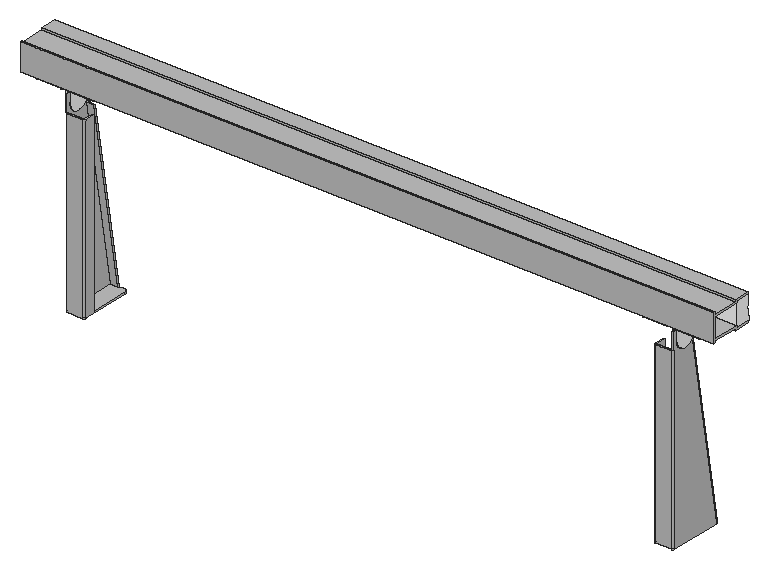
Revit family "4070756+4070746+4070772 Feilo Sylvania Lighting Fixture CURSUS 876MM 653LM OVAL LED 4K with CONTINUOUS WALL HOUSING with 250MM WALL BRACKET", category Lighting Fixtures, host Face, Revit 2017
Family settings
  Host = Face
  Round Connector Dimension = Use Diameter
  Part Type = Normal
  OmniClass Number = 23.80.70.14
  OmniClass Title = Luminaries for External Lighting
  Cut with Voids When Loaded = Yes
  Light Source = No
  Shared = No
  Room Calculation Point = No
Parameters (values of type "4070756 CURSUS 876MM 653LM OVAL LED 4K")
  Weight = "1.7 kg"
  Wattage Comments = "n/a"
  WarrantyStartDate [instance] = "n/a"
  WarrantyGuarantorParts = "n/a"
  WarrantyDurationUnit = "n/a"
  WarrantyDurationParts = "n/a"
  WarrantyDescription = "n/a"
  Voltage = 24 V
  URL = "http://www.sylvania-lighting.com"
  TypeName = "CURSUS 876MM 653LM OVAL LED 4K"
  TypeFixture_FEILO = CURSUS with CONTINUOUS WALL HOUSING : CURSUS 876MM 653LM OVAL LED 4K
  Type Image = <None>
  Type Comments = "n/a"
  TiltAngle [instance] = 0.00°
  StartAngle [instance] = TiltAngle + 270.00°  # 270.00°
  SerialNumber [instance] = "n/a"
  ReflectorMaterial = none
  PowerFactor = 0
  PowerConsumption = "13.5 W"
  NominalLength = 876 mm
  NominalHeight = 50 mm
  NominalDepth = 30 mm
  Name = "CURSUS 876MM 653LM OVAL LED 4K"
  ModelReference = Name  # "CURSUS 876MM 653LM OVAL LED 4K"
  ModelNumber = "4070756"
  Model = Name  # "CURSUS 876MM 653LM OVAL LED 4K"
  Material = "natural anodised extruded aluminium structure housing, optical system with pmma lenses diffuser"
  ManufacturerName = "Feilo Sylvania"
  Manufacturer = "Feilo Sylvania"
  LuminousEfficacy = "48.37 lm/W"
  LuminaireType = ""
  LightOutputRatio = "100"
  LampsType = Lamp  # "LED"
  LampNominalLuminous = "653 lm"
  LampMacAdamStep = "n/a"
  LampColourTemperature = "4000 K"
  LampColourRenderingIndex = "80"
  Lamp = "LED"
  Keynote = "16500"
  InstallationDate [instance] = "n/a"
  InputVoltage = "24V DC"
  InputNominalFrequency = "n/a"
  IngressProtection = "IP67"
  ImpactProtectionIndex = "IK07"
  IfcExportType = "IfcLightFixtureType"
  IfcExportAs = "IfcLightFixtureType"
  ExpectedLife = 50000
  EndAngle [instance] = StartAngle - 180.00°  # 90.00°
  ElectricShockClassification = "Class III"
  DurationUnit = "hours"
  DocumentationLiterature = "http://www.sylvania-lighting.com/product/en-int/products/4070756"
  DimmingControlOptions = "n/a"
  DiffuserMaterial = Diffuser-Sylvania-Glow
  Description = "LED Exterior Lighting Recessed Surface Mounted Linear Fixture, Natural anodised extruded aluminium structure. Die-cast aluminium end caps. Installation kit with harmonic steel springs., 653 lm, 13,5W,  48lm/W, 4000K, CRI80+,non dimmable,IP67, IK07, (HxWxD) 876x50x30mm, 3 step Mac Adam Ellipse, 1.7kg,, Classe III, 21-25V-DC, energy class : A++, A+, A"
  Default Elevation = 1219.2 mm
  CreatedOn = "1/8/2018"
  CreatedBy = ""
  Cost = 0
  built-in parameter 1114216 [instance] = (empty or 0)
  ClassificationValue = "EF_70_80"
  ClassificationName = "Uniclass2015"
  BracketWidth = 24 mm
  BracketThickness = 2 mm
  BracketHeightEnd = 32 mm
  BracketHeight = 70 mm
  BracketFlange = BracketHeight / 5  # 14 mm
  BracketExtension = 250 mm
  BracketEndReduction = 25 mm
  BracketC = 22 mm  # constant formula
  BracketDistance = 745 mm
  BracketD = BracketHeightEnd - (BracketC * (BracketHeight - BracketHeightEnd) / (BracketExtension - BracketEndReduction))  # 28.284 mm
  BodyMaterial = Body-Sylvania-Gray
  BarCode [instance] = "n/a"
  AssetType = "Fixed"
  AssetIdentifier [instance] = "n/a"
  Assembly Code = "D5020200"
  Apparent Load = 13.5 VA
  AccessoryMaterial = Diffuser-Sylvania-Glow
Reference planes
  plane 1 "Center (Front/Back)": y = 0
  plane 2: z = 0
  plane 3 "Center (Left/Right)": x = 0
  plane 4: x = -384.5
  plane 5: x = 384.5
  plane 6: y = 70
  plane 7: x = -360.5
  plane 8: x = 360.5
  plane 9: z = 250
  plane 10: z = 236
  plane 11: z = 2
  plane 12: z = 225
  plane 13: x = -382.5
  plane 14: y = 68
  plane 15: y = 2
  plane 16: x = -362.5
  plane 17: x = 362.5
  plane 18: x = 382.5
  plane 19: x = -372.5
  plane 20: x = 372.5
  plane 21: y = 14
  plane 22: y = 32
  plane 23: y = 30
  plane 24: z = 247
  plane 25: y = 28.284
  plane 26: y = 16
Forms (mm)
  Blend 1, solid, material "Body-Sylvania-Gray" <- "BodyMaterial"
    base sketch origin (1223.4, -4572, 2) x (0, -1, 0) y (1, 0, 0)
      loop
        line (-4640, -1595.9) -> (-4642, -1595.9) -> (-4642, -1605.9)
        arc (-4642, -1605.9) -> (-4641.414, -1607.314) -> (-4640, -1607.9) r 2
        line (-4640, -1607.9) -> (-4574, -1607.9)
        arc (-4574, -1607.9) -> (-4572.586, -1607.314) -> (-4572, -1605.9) r 2
        line (-4572, -1605.9) -> (-4572, -1585.9)
        arc (-4572, -1585.9) -> (-4572.586, -1584.486) -> (-4574, -1583.9) r 2
        line (-4574, -1583.9) -> (-4586, -1583.9) -> (-4586, -1585.9) -> (-4574, -1585.9) -> (-4574, -1605.9) -> (-4640, -1605.9) -> (-4640, -1595.9)
    top sketch origin (1223.4, -4572, 2) x (0, -1, 0) y (1, 0, 0)
      loop
        line (-4586, -1585.9) -> (-4574, -1585.9) -> (-4574, -1605.9) -> (-4602, -1605.9) -> (-4602, -1595.9) -> (-4604, -1595.9) -> (-4604, -1605.9)
        arc (-4604, -1605.9) -> (-4603.52, -1607.21) -> (-4602.309, -1607.9) r 2.028
        line (-4602.309, -1607.9) -> (-4574, -1607.9)
        arc (-4574, -1607.9) -> (-4572.586, -1607.314) -> (-4572, -1605.9) r 2
        line (-4572, -1605.9) -> (-4572, -1585.9)
        arc (-4572, -1585.9) -> (-4572.586, -1584.486) -> (-4574, -1583.9) r 2
        line (-4574, -1583.9) -> (-4586, -1583.9) -> (-4586, -1585.9)
    from 0 to 223
  Extrusion 2, solid, material "Body-Sylvania-Gray" <- "BodyMaterial"
    sketch origin (0, 0, 0) x (1, 0, 0) y (0, 1, 0)
      loop
        arc (-382.5, 70) -> (-383.914, 69.414) -> (-384.5, 68) r 2
        line (-384.5, 68) -> (-384.5, 2)
        arc (-384.5, 2) -> (-383.914, 0.586) -> (-382.5, 0) r 2
        line (-382.5, 0) -> (-362.5, 0)
        arc (-362.5, 0) -> (-361.086, 0.586) -> (-360.5, 2) r 2
        line (-360.5, 2) -> (-360.5, 62.5)
        arc (-360.5, 62.5) -> (-362.697, 67.803) -> (-368, 70) r 7.5
        line (-368, 70) -> (-382.5, 70)
      loop
        line (382.5, 70) -> (368, 70)
        arc (368, 70) -> (362.697, 67.803) -> (360.5, 62.5) r 7.5
        line (360.5, 62.5) -> (360.5, 2)
        arc (360.5, 2) -> (361.086, 0.586) -> (362.5, 0) r 2
        line (362.5, 0) -> (382.5, 0)
        arc (382.5, 0) -> (383.914, 0.586) -> (384.5, 2) r 2
        line (384.5, 2) -> (384.5, 68)
        arc (384.5, 68) -> (383.914, 69.414) -> (382.5, 70) r 2
    from 0 to 2
  Blend 3, solid, material "Body-Sylvania-Gray" <- "BodyMaterial"
    base sketch origin (1223.4, -4572, 2) x (0, -1, 0) y (1, 0, 0)
      loop
        line (-4640, -840.9) -> (-4574, -840.9) -> (-4574, -860.9) -> (-4586, -860.9) -> (-4586, -862.9) -> (-4574, -862.9)
        arc (-4574, -862.9) -> (-4572.586, -862.314) -> (-4572, -860.9) r 2
        line (-4572, -860.9) -> (-4572, -840.9)
        arc (-4572, -840.9) -> (-4572.586, -839.486) -> (-4574, -838.9) r 2
        line (-4574, -838.9) -> (-4640, -838.9)
        arc (-4640, -838.9) -> (-4641.414, -839.486) -> (-4642, -840.9) r 2
        line (-4642, -840.9) -> (-4642, -850.9) -> (-4640, -850.9) -> (-4640, -840.9)
    top sketch origin (1223.4, -4572, 2) x (0, -1, 0) y (1, 0, 0)
      loop
        line (-4602, -850.9) -> (-4602, -840.9) -> (-4574, -840.9) -> (-4574, -860.9) -> (-4586, -860.9) -> (-4586, -862.9) -> (-4574, -862.9)
        arc (-4574, -862.9) -> (-4572.586, -862.314) -> (-4572, -860.9) r 2
        line (-4572, -860.9) -> (-4572, -840.9)
        arc (-4572, -840.9) -> (-4572.586, -839.486) -> (-4574, -838.9) r 2
        line (-4574, -838.9) -> (-4602, -838.9)
        arc (-4602, -838.9) -> (-4603.414, -839.486) -> (-4604, -840.9) r 2
        line (-4604, -840.9) -> (-4604, -850.9) -> (-4602, -850.9)
    from 0 to 223
  Blend 4, solid, material "Body-Sylvania-Gray" <- "BodyMaterial"
    base sketch origin (1223.4, -4572, 225) x (0, -1, 0) y (1, 0, 0)
      loop
        line (-4604, -1607.9) -> (-4572, -1607.9) -> (-4572, -1605.9) -> (-4604, -1605.9) -> (-4604, -1607.9)
    top sketch origin (1223.4, -4572, 225) x (0, -1, 0) y (1, 0, 0)
      loop
        line (-4572, -1607.9) -> (-4572, -1605.9) -> (-4600.284, -1605.9) -> (-4600.284, -1607.9) -> (-4572, -1607.9)
    from 0 to 22
  Blend 5, solid, material "Body-Sylvania-Gray" <- "BodyMaterial"
    base sketch origin (1223.4, -4572, 225) x (0, -1, 0) y (1, 0, 0)
      loop
        line (-4604, -840.9) -> (-4572, -840.9) -> (-4572, -838.9) -> (-4604, -838.9) -> (-4604, -840.9)
    top sketch origin (1223.4, -4572, 225) x (0, -1, 0) y (1, 0, 0)
      loop
        line (-4572, -838.9) -> (-4600.284, -838.9) -> (-4600.284, -840.9) -> (-4572, -840.9) -> (-4572, -838.9)
    from 0 to 22
  Extrusion 6, void
    sketch origin (0, 0, 0) x (0, 1, 0) y (0, 0, 1)
      loop
        line (0, 225) -> (2, 225) -> (2, 226.5) -> (0, 226.5) -> (0, 225)
      loop
        line (32, 225) -> (32, 226.5) -> (30, 226.5) -> (30, 225) -> (32, 225)
    from -384.5 to 384.5
  Revolve 7, solid, not visible
    sketch origin (1524, 16, 1219.2) x (1, 0, 0) y (0, 0, 1)
      loop
        line (-1524, -972.2) -> (-1524, -983.2) -> (-1151.5, -983.2) -> (-1151.5, -972.2) -> (-1524, -972.2)
      axis (-1151.5, -983.2) -> (-1524, -983.2)
    angle from 270 <- "StartAngle" to 90 <- "EndAngle"
Cuts and joins
  Extrusion 6 cuts Blend 4
  Extrusion 6 cuts Blend 5
  joined: Blend 1, Extrusion 2, Blend 3, Blend 4, Blend 5
Lines and regions (mm)
  reference lines, not visible
    curve 1: line (-360.5, 16, 236) -> (360.5, 16, 236)
Dimensions and locks
  equal spacing: plane 4, plane 3 "Center (Left/Right)", plane 5
  "BracketDistance": plane 19 to plane 20
  "BracketHeight": plane 1 "Center (Front/Back)" to plane 6
  equal spacing: plane 7, plane 3 "Center (Left/Right)", plane 8
  "BracketWidth": plane 4 to plane 7
  "BracketExtension": plane 9 to plane 2
  "BracketThickness": plane 11 to plane 2
  "BracketEndReduction": plane 9 to plane 12
  equal spacing: plane 13, plane 3 "Center (Left/Right)", plane 18
  equal spacing: plane 16, plane 3 "Center (Left/Right)", plane 17
  "BracketThickness": plane 4 to plane 13
  "BracketThickness": plane 16 to plane 7
  "BracketThickness": plane 14 to plane 6
  "BracketThickness": plane 1 "Center (Front/Back)" to plane 15
  equal spacing: plane 4, plane 19, plane 7
  equal spacing: plane 8, plane 20, plane 5
  "BracketFlange": plane 1 "Center (Front/Back)" to plane 21
  "BracketHeightEnd": plane 1 "Center (Front/Back)" to plane 22
  "BracketThickness": plane 23 to plane 22
  locked: Extrusion 2 sketch curve to plane 7 at 7.5
  locked: Extrusion 2 sketch curve to plane 6 at 7.5  (x2)
  locked: plane 8 to Extrusion 2 sketch curve at 7.5
  "BracketC": plane 24 to plane 12
  "BracketD": plane 1 "Center (Front/Back)" to plane 25
  locked: plane 12 to Extrusion 6 sketch curve at 1.5
  equal spacing: plane 24, plane 10, plane 12
  equal spacing: plane 1 "Center (Front/Back)", plane 26, plane 22
  aligned and locked: plane 2 to host face
  aligned and locked: level to host face
  aligned and locked: plane 4 to Blend 1 sketch curve  (x2)
  aligned and locked: plane 13 to Blend 1 sketch curve  (x3)
  aligned and locked: Blend 1 sketch curve to plane 15
  aligned and locked: Blend 1 sketch curve to plane 16
  aligned and locked: Blend 1 sketch curve to plane 21
  aligned and locked: plane 7 to Blend 1 sketch curve
  aligned and locked: plane 16 to Blend 1 sketch curve
  aligned and locked: plane 1 "Center (Front/Back)" to Blend 1 sketch curve
  aligned and locked: plane 14 to Blend 1 sketch curve
  aligned and locked: Blend 1 sketch curve to var sketch  (x6)
  aligned and locked: Blend 1 sketch curve to plane 19
  aligned and locked: Blend 1 sketch curve to plane 22
  aligned and locked: plane 23 to Blend 1 sketch curve
  aligned and locked: plane 11 to Blend 1
  aligned and locked: Extrusion 2 sketch curve to Blend 1  (x3)
  aligned and locked: Extrusion 2 to level
  aligned and locked: Extrusion 2 to plane 11
  aligned and locked: Extrusion 2 sketch curve to plane 7
  aligned and locked: plane 18 to Blend 3 sketch curve  (x4)
  aligned and locked: plane 14 to Blend 3 sketch curve  (x2)
  aligned and locked: Blend 3 sketch curve to plane 20
  aligned and locked: Blend 3 sketch curve to plane 6
  aligned and locked: plane 5 to Blend 3 sketch curve
  aligned and locked: plane 1 "Center (Front/Back)" to Blend 3 sketch curve
  aligned and locked: plane 15 to Blend 3 sketch curve  (x2)
  aligned and locked: Blend 3 sketch curve to plane 8
  aligned and locked: Blend 3 sketch curve to plane 21
  aligned and locked: plane 17 to Blend 3 sketch curve
  aligned and locked: Blend 3 sketch curve to plane 18
  aligned and locked: plane 20 to Blend 3 sketch curve  (x2)
  aligned and locked: Blend 3 sketch curve to plane 23
  aligned and locked: Blend 3 sketch curve to var sketch  (x8)
  aligned and locked: var sketch to Blend 3 sketch curve
  aligned and locked: plane 22 to Blend 3 sketch curve
  aligned and locked: plane 11 to Blend 3
  aligned and locked: Extrusion 2 sketch curve to Blend 3  (x4)
  aligned and locked: Blend 1 to plane 12
  aligned and locked: Blend 3 to plane 12
  aligned and locked: Blend 4 sketch curve to plane 22
  aligned and locked: Blend 4 sketch curve to cut or joined group of Blend 1, Extrusion 2, Blend 3, Blend 4, Blend 5, Extrusion 6  (x2)
  aligned and locked: cut or joined group of Blend 1, Extrusion 2, Blend 3, Blend 4, Blend 5, Extrusion 6 to Blend 4 sketch curve
  aligned and locked: Blend 4 sketch curve to var sketch  (x2)
  aligned and locked: Blend 4 sketch curve to plane 13
  aligned and locked: Blend 4 to plane 24
  aligned and locked: Blend 4 sketch curve to plane 25
  aligned and locked: Blend 5 sketch curve to plane 18  (x2)
  aligned and locked: plane 1 "Center (Front/Back)" to Blend 5 sketch curve
  aligned and locked: plane 5 to Blend 5 sketch curve
  aligned and locked: plane 22 to Blend 5 sketch curve
  aligned and locked: Blend 5 sketch curve to var sketch
  aligned and locked: var sketch to Blend 5 sketch curve
  aligned and locked: Blend 5 sketch curve to plane 25
  aligned and locked: Blend 5 to plane 24
  aligned and locked: plane 12 to Blend 5
  aligned and locked: Extrusion 6 sketch curve to cut or joined group of Blend 1, Extrusion 2, Blend 3, Blend 4, Blend 5, Extrusion 6  (x2)
  aligned and locked: Extrusion 6 sketch curve to Extrusion 6 sketch curve
  aligned and locked: Extrusion 6 sketch curve to plane 15
  aligned and locked: plane 5 to Extrusion 6
  aligned and locked: Extrusion 6 to plane 4
  aligned and locked: Extrusion 6 sketch curve to plane 23
  aligned and locked: Revolve 7 sketch curve to plane 10  (x2)
  aligned and locked: plane 24 to Revolve 7 sketch curve
  aligned and locked: plane 3 "Center (Left/Right)" to Revolve 7 sketch curve
  aligned and locked: Revolve 7 sketch curve to plane 20
  aligned and locked: plane 7 to curve 1
  aligned and locked: plane 10 to curve 1
  aligned and locked: nested 1 to plane 5
  aligned and locked: nested 2 to plane 4
  aligned and locked: nested 1 to curve 1
  aligned and locked: nested 2 to curve 1
  aligned and locked: nested 3 to plane 3 "Center (Left/Right)"
  aligned and locked: nested 1 to nested 3
Automatic sketch dimensions
  host sketch curve to host sketch curve = 2438.4 mm  (x2)
  Blend 1 sketch curve to plane 13 = 0 mm
  plane 15 to Blend 1 sketch curve = 0 mm  (x3)
  Blend 1 sketch curve to plane 23 = 0.309 mm
  plane 6 to Blend 1 sketch curve = 0 mm
  plane 14 to Blend 1 sketch curve = 0 mm
  Blend 1 sketch curve to plane 19 = 0 mm
  Blend 3 sketch curve to plane 17 = 0 mm
  Extrusion 6 sketch curve to plane 1 "Center (Front/Back)" = 0 mm
  plane 12 to Extrusion 6 sketch curve = 0 mm
  Revolve 7 sketch curve to plane 4 = 1153 mm
  plane 5 to Revolve 7 sketch curve = 1161.4 mm
  curve 1 to plane 8 = 0 mm
Nested families
  nested 1: "MountingPlate" at (383.5, 16, 236) x (-1, 0, 0) z (0, 0, 1), type "MountingPlate"
  nested 2: "MountingPlate" at (-383.5, 16, 236) x (-1, 0, 0) z (0, 0, 1), type "MountingPlate"
  nested 3: "CURSUS with CONTINUOUS WALL HOUSING" at (0, -4, 254) x (-1, 0, 0) z (0, 0, 1), type <- "TypeFixture_FEILO", type "CURSUS 876MM 653LM OVAL LED 4K"
    with WarrantyStartDate "n/a", SerialNumber "n/a", InstallationDate "n/a", EndCapRight no, EndCapLeft no, built-in parameter 1114216 (empty or 0), BarCode "n/a", AssetIdentifier "n/a"
Connectors
  electrical at (0, 0, 0), driven by "Voltage", driven by "Apparent Load", driven by "PowerFactor"
    settings: index 1, voltage 24 V, apparent load 13.5 VA, apparent load phase1 0 VA, apparent load phase2 0 VA, apparent load phase3 0 VA, power factor 0, load classification "Other", number of poles 1, system type 30, power factor state 1, is connector primary yes, connector utility no, sub classification motor no, connector description ""
Definition of nested family "MountingPlate"
  Parameters (values of type "MountingPlate")
    URL = "http://www.feilosylvania.com"
    Type Comments = "n/a"
    ReflectorMaterial = none
    MountingPlateWidth = 76 mm
    MountingPlateThickness = 2 mm
    MountingPlateRadiusBack = 12 mm
    MountingPlateRadius = 3 mm
    MountingPlateHeight = 35 mm
    Model = "n/a"
    Manufacturer = "Feilo Sylvania"
    Keynote = "n/a"
    DiffuserMaterial = none
    Description = "n/a"
    Default Elevation = 1219.2 mm
    Cost = 0
    BodyMaterial = none
    Assembly Code = "n/a"
    AccessoryMaterial = none
  Reference planes
    plane 1 "Center (Front/Back)": y = 0
    plane 2: z = 0
    plane 3 "Center (Left/Right)": x = 0
    plane 4: x = -38
    plane 5: x = 38
    plane 6: y = 17.5
    plane 7: y = -17.5
    plane 8: x = -3
    plane 9: x = 3
    plane 10: z = 18
    plane 11: z = 16
    plane 12: y = 12.5
    plane 13: y = -12.5
    plane 14: x = -1
    plane 15: x = 1
    plane 16: z = -12.5
    plane 17: z = -14.5
  Forms (mm)
    Extrusion 1, solid
      sketch origin (1.653, 0, 0) x (1, 0, 0) y (0, 1, 0)
        loop
          line (-1219.2, 1219.2) -> (-1219.2, -1219.2) -> (1219.2, -1219.2) -> (1219.2, 1219.2) -> (-1219.2, 1219.2)
      from 0 to -304.8
    Extrusion 2, solid, material <- "BodyMaterial"
      sketch origin (1218.4, -4572, 16) x (0, -1, 0) y (-1, 0, 0)
        loop
          line (-4589.5, 1253.4) -> (-4589.5, 1224.4)
          arc (-4589.5, 1224.4) -> (-4588.621, 1222.279) -> (-4586.5, 1221.4) r 3
          line (-4586.5, 1221.4) -> (-4557.5, 1221.4)
          arc (-4557.5, 1221.4) -> (-4555.379, 1222.279) -> (-4554.5, 1224.4) r 3
          line (-4554.5, 1224.4) -> (-4554.5, 1253.4)
          arc (-4554.5, 1253.4) -> (-4555.379, 1255.521) -> (-4557.5, 1256.4) r 3
          line (-4557.5, 1256.4) -> (-4586.5, 1256.4)
          arc (-4586.5, 1256.4) -> (-4588.621, 1255.521) -> (-4589.5, 1253.4) r 3
        loop
          arc (-4589.5, 1183.4) -> (-4588.621, 1181.279) -> (-4586.5, 1180.4) r 3
          line (-4586.5, 1180.4) -> (-4557.5, 1180.4)
          arc (-4557.5, 1180.4) -> (-4555.379, 1181.279) -> (-4554.5, 1183.4) r 3
          line (-4554.5, 1183.4) -> (-4554.5, 1212.4)
          arc (-4554.5, 1212.4) -> (-4555.379, 1214.521) -> (-4557.5, 1215.4) r 3
          line (-4557.5, 1215.4) -> (-4586.5, 1215.4)
          arc (-4586.5, 1215.4) -> (-4588.621, 1214.521) -> (-4589.5, 1212.4) r 3
          line (-4589.5, 1212.4) -> (-4589.5, 1183.4)
      from 0 to -2
    Extrusion 3, solid, material <- "BodyMaterial"
      sketch origin (0, 0, 0) x (1, 0, 0) y (0, 0, 1)
        loop
          line (-3, 18) -> (-3, -12.5) -> (-1, -12.5) -> (-1, 16)
          arc (-1, 16) -> (-1.586, 17.414) -> (-3, 18) r 2
        loop
          line (3, -12.5) -> (3, 18)
          arc (3, 18) -> (1.586, 17.414) -> (1, 16) r 2
          line (1, 16) -> (1, -12.5) -> (3, -12.5)
      from -12.5 to 12.5
    Extrusion 4, void
      sketch origin (0, 0, 0) x (0, 1, 0) y (0, 0, 1)
        loop
          line (-12.5, -0.5) -> (-17.5, -0.5) -> (-17.5, -14.5) -> (-0.5, -14.5) -> (-0.5, -12.5)
          arc (-0.5, -12.5) -> (-8.985, -8.985) -> (-12.5, -0.5) r 12
        loop
          line (0.5, -12.5) -> (0.5, -14.5) -> (17.5, -14.5) -> (17.5, -0.5) -> (12.5, -0.5)
          arc (12.5, -0.5) -> (8.985, -8.985) -> (0.5, -12.5) r 12
      from -3 to 3
  Cuts and joins
    Extrusion 4 cuts Extrusion 2
    Extrusion 4 cuts Extrusion 3
    joined: Extrusion 2, Extrusion 3
  Lines and regions (mm)
    reference lines
      curve 1: line (-38, 0, 0) -> (38, 0, 0)
  Dimensions and locks
    equal spacing: plane 4, plane 3 "Center (Left/Right)", plane 5
    "MountingPlateWidth": plane 4 to plane 5
    equal spacing: plane 7, plane 1 "Center (Front/Back)", plane 6
    "MountingPlateHeight": plane 7 to plane 6
    equal spacing: plane 8, plane 3 "Center (Left/Right)", plane 9
    "MountingPlateHeight": plane 4 to plane 8
    locked: plane 10 to plane 2 at 18
    "MountingPlateThickness": plane 10 to plane 11
    equal spacing: plane 13, plane 1 "Center (Front/Back)", plane 12
    locked: plane 13 to plane 12 at 25
    "MountingPlateRadius": plane 4 to Extrusion 2 sketch curve  (x2)
    "MountingPlateRadius": Extrusion 2 sketch curve to plane 6  (x4)
    "MountingPlateRadius": Extrusion 2 sketch curve to plane 8  (x2)
    "MountingPlateRadius": plane 7 to Extrusion 2 sketch curve  (x4)
    "MountingPlateRadius": plane 9 to Extrusion 2 sketch curve  (x2)
    "MountingPlateRadius": Extrusion 2 sketch curve to plane 5  (x2)
    equal spacing: plane 15, plane 3 "Center (Left/Right)", plane 14
    "MountingPlateThickness": plane 14 to plane 8
    locked: plane 2 to plane 16 at 12.5
    locked: plane 17 to plane 16 at 2
    "MountingPlateRadiusBack": plane 13 to Extrusion 4 sketch curve
    "MountingPlateRadiusBack": plane 16 to Extrusion 4 sketch curve  (x2)
    "MountingPlateRadiusBack": Extrusion 4 sketch curve to plane 12
    aligned and locked: plane 2 to Extrusion 1
    aligned and locked: level to Extrusion 1
    aligned and locked: Extrusion 2 sketch curve to plane 6
    aligned and locked: Extrusion 2 sketch curve to plane 4
    aligned and locked: plane 7 to Extrusion 2 sketch curve
    aligned and locked: plane 8 to Extrusion 2 sketch curve
    aligned and locked: plane 6 to Extrusion 2 sketch curve
    aligned and locked: Extrusion 2 sketch curve to plane 5
    aligned and locked: Extrusion 2 sketch curve to plane 7
    aligned and locked: plane 9 to Extrusion 2 sketch curve
    aligned and locked: Extrusion 2 to plane 10
    aligned and locked: plane 11 to Extrusion 2
    aligned and locked: Extrusion 3 sketch curve to Extrusion 2  (x2)
    aligned and locked: plane 16 to Extrusion 3 sketch curve  (x2)
    aligned and locked: plane 14 to Extrusion 3 sketch curve
    aligned and locked: plane 9 to Extrusion 3 sketch curve
    aligned and locked: plane 15 to Extrusion 3 sketch curve
    aligned and locked: Extrusion 3 to plane 12
    aligned and locked: plane 13 to Extrusion 3
    aligned and locked: plane 17 to Extrusion 4 sketch curve  (x2)
    aligned and locked: Extrusion 4 sketch curve to plane 7
    aligned and locked: Extrusion 4 sketch curve to plane 6
    aligned and locked: plane 9 to Extrusion 4
    aligned and locked: Extrusion 4 to plane 8
    aligned and locked: plane 4 to curve 1
    aligned and locked: curve 1 to level
  Automatic sketch dimensions
    Extrusion 1 sketch curve to Extrusion 1 sketch curve = 2438.4 mm  (x2)
    Extrusion 3 sketch curve to plane 11 = 0 mm
    curve 1 to plane 5 = 0 mm
    Extrusion 4 sketch curve to plane 13 = 0 mm
    Extrusion 4 sketch curve to plane 12 = 0 mm
Definition of nested family "CURSUS with CONTINUOUS WALL HOUSING"
  Parameters (values of type "CURSUS 1161MM 827LM OVAL LED 3K")
    Width_FEILO = 35 mm
    Weight = "2.2 kg"
    Wattage Comments = "n/a"
    Wattage = 18 W
    WarrantyStartDate [instance] = "n/a"
    WarrantyGuarantorParts = "n/a"
    WarrantyDurationUnit = "n/a"
    WarrantyDurationParts = "n/a"
    WarrantyDescription = "n/a"
    WallThickness_FEILO = 2.5 mm
    built-in parameter 1150110 = 1 (stored number, unit not read)
    Voltage = 24 V
    URL = "http://www.feilosylvania.com"
    TypeName = "CURSUS 1161MM 827LM OVAL LED 3K"
    Type Image = (empty or 0)
    Type Comments = "n/a"
    built-in parameter 1114217 = 1 (stored number, unit not read)
    Tilt Angle = -90.00°
    built-in parameter 1150109 = 1 (stored number, unit not read)
    built-in parameter 1150134 = (empty or 0)
    built-in parameter 1150113 = 1 (stored number, unit not read)
    SerialNumber [instance] = "n/a"
    ReflectorMaterial = none
    PowerFactor = 0
    PowerConsumption = "18 W"
    Photometric Web File = "4070765.ies"
    NominalLength = 1161 mm
    NominalHeight = 50 mm
    NominalDepth = 30 mm
    Name = "CURSUS 1161MM 827LM OVAL LED 3K"
    ModelReference = Name  # "CURSUS 1161MM 827LM OVAL LED 3K"
    ModelNumber = ""
    Model = Name  # "CURSUS 1161MM 827LM OVAL LED 3K"
    Material = "natural anodised extruded aluminium structure housing, optical system with pmma lenses diffuser"
    ManufacturerName = "Feilo Sylvania"
    Manufacturer = "Feilo Sylvania"
    LuminousEfficacy = "45.94 lm/W"
    built-in parameter 1150105 = 65.811 (stored number, unit not read)
    Lumens = 827 lm
    LuminaireType = ""
    built-in parameter 1150115 = 1 (stored number, unit not read)
    LightOutputRatio = "100"
    built-in parameter 1150137 = (empty or 0)
    built-in parameter 1150139 = (empty or 0)
    Length_FEILO = 1167 mm
    LampsType = Lamp  # "LED"
    LampNominalLuminous = "827 lm"
    LampMacAdamStep = "n/a"
    LampColourTemperature = "3000 K"
    LampColourRenderingIndex = "80"
    built-in parameter 1150112 = 1 (stored number, unit not read)
    built-in parameter 1150114 = 1 (stored number, unit not read)
    Lamp = "LED"
    Keynote = "16500"
    InstallationDate [instance] = "n/a"
    InputVoltage = "24V DC"
    InputNominalFrequency = "n/a"
    built-in parameter 1150132 = (empty or 0)
    built-in parameter 1150102 = (empty or 0)
    built-in parameter 1150107 = 3000 (stored number, unit not read)
    built-in parameter 1150138 = (empty or 0)
    IngressProtection = "IP67"
    ImpactProtectionIndex = "IK07"
    built-in parameter 1150106 = 0.65811 (stored number, unit not read)
    IfcExportType = "IfcLightFixtureType"
    IfcExportAs = "IfcLightFixtureType"
    ExpectedLife = 50000
    EndCapRight [instance] = no
    EndCapLeft [instance] = no
    Emit from Rectangle Width = Width_FEILO - WallThickness_FEILO * 2  # 30 mm
    Emit from Rectangle Length = Length_FEILO - WallThickness_FEILO * 2  # 1162 mm
    Emit Shape Visible in Rendering = no
    ElectricShockClassification = "Class III"
    built-in parameter 1150104 = 4.2684 (stored number, unit not read)
    DurationUnit = "hours"
    DocumentationLiterature = "http://www.feilosylvania.com/product/en-int/products/4070765"
    DimmingControlOptions = "n/a"
    Dimming Lamp Color Temperature Shift = (empty or 0)
    DiffuserMaterial = none
    Description = "LED Exterior Lighting Recessed Surface Mounted Linear Fixture, Natural anodised extruded aluminium structure. Die-cast aluminium end caps. Installation kit with harmonic steel springs., 827 lm, 18W, 45lm/W, 3000K, CRI80+,non dimmable,IP67, IK07, (HxWxD) 1161x50x30mm, 3 step Mac Adam Ellipse, 2.2kg,, Classe III, 21-25V-DC, energy class : A++, A+, A"
    Default Elevation = 1219.2 mm
    CreatedOn = "1/8/2018"
    CreatedBy = "aron.fodor@feilosylvania.com"
    Cost = 0
    Color Filter = 16777215
    built-in parameter 1114216 [instance] = (empty or 0)
    ClassificationValue = "EF_70_80"
    ClassificationName = "Uniclass2015"
    BodyMaterial = none
    BarCode [instance] = "n/a"
    built-in parameter 1114218 = 1 (stored number, unit not read)
    built-in parameter 1150133 = 10 (stored number, unit not read)
    AssetType = "Fixed"
    AssetIdentifier [instance] = "n/a"
    Assembly Code = "D5020200"
    Apparent Load = 18 VA
    AccessoryMaterial = none
  Types (16, lengths in mm): name | Weight | Wattage | Voltage | TypeName | built-in parameter 1150134 | PowerConsumption | Photometric Web File | NominalLength | Name | ModelReference | Model | Material | LuminousEfficacy | built-in parameter 1150105 | Lumens | Length_FEILO | LampNominalLuminous | LampColourTemperature | InputVoltage | InputNominalFrequency | built-in parameter 1150107 | built-in parameter 1150106 | Emit from Rectangle Length | built-in parameter 1150104 | DocumentationLiterature | Description | Apparent Load
    CURSUS 1161MM 827LM OVAL LED 3K | "2.2 kg" | 18 W | 24 V | "CURSUS 1161MM 827LM OVAL LED 3K" | (empty or 0) | "18 W" | "4070765.ies" | 1161 | "CURSUS 1161MM 827LM OVAL LED 3K" | "CURSUS 1161MM 827LM OVAL LED 3K" | "CURSUS 1161MM 827LM OVAL LED 3K" | "natural anodised extruded aluminium structure housing, optical system with pmma lenses diffuser" | "45.94 lm/W" | 65.811 (stored number, unit not read) | 827 lm | 1167 | "827 lm" | "3000 K" | "24V DC" | "n/a" | 3000 (stored number, unit not read) | 0.65811 (stored number, unit not read) | 1162 | 4.2684 (stored number, unit not read) | "http://www.feilosylvania.com/product/en-int/products/4070765" | "LED Exterior Lighting Recessed Surface Mounted Linear Fixture, Natural anodised extruded aluminium structure. Die-cast aluminium end caps. Installation kit with harmonic steel springs., 827 lm, 18W, 45lm/W, 3000K, CRI80+,non dimmable,IP67, IK07, (HxWxD) 1161x50x30mm, 3 step Mac Adam Ellipse, 2.2kg,, Classe III, 21-25V-DC, energy class : A++, A+, A" | 18 VA
    CURSUS 1161MM 731LM WIDE LED 3K | "2.2 kg" | 18 W | 230 V | "CURSUS 1161MM 731LM WIDE LED 3K" | (empty or 0) | "18 W" | "4070764.ies" | 1161 | "CURSUS 1161MM 731LM WIDE LED 3K" | "CURSUS 1161MM 731LM WIDE LED 3K" | "CURSUS 1161MM 731LM WIDE LED 3K" | "natural anodised extruded aluminium structure housing" | "40.61 lm/W" | 58.171 (stored number, unit not read) | 731 lm | 1167 | "731 lm" | "3000 K" | "220-240V~" | "n/a" | 3000 (stored number, unit not read) | 0.58171 (stored number, unit not read) | 1162 | 3.7729 (stored number, unit not read) | "http://www.feilosylvania.com/product/en-int/products/4070764" | "LED Exterior Lighting Recessed Surface Mounted Linear Fixture, Natural anodised extruded aluminium structure. Die-cast aluminium end caps. Installation kit with harmonic steel springs., 731 lm, 18W, 40lm/W, 3000K, CRI80+,non dimmable,IP67, IK07, (HxWxD) 1161x50x30mm, 3 step Mac Adam Ellipse, 2.2kg,, Classe III, 21-25V-DC, energy class : A++, A+, A" | 18 VA
    CURSUS 1161MM 871LM OVAL LED 4K | "2.2 kg" | 18 W | 24 V | "CURSUS 1161MM 871LM OVAL LED 4K" | 12 | "18 W" | "4070763.ies" | 1161 | "CURSUS 1161MM 871LM OVAL LED 4K" | "CURSUS 1161MM 871LM OVAL LED 4K" | "CURSUS 1161MM 871LM OVAL LED 4K" | "natural anodised extruded aluminium structure housing, optical system with pmma lenses diffuser" | "48.38 lm/W" | 69.312 (stored number, unit not read) | 871 lm | 1167 | "871 lm" | "4000 K" | "24V DC" | "50/60 Hz" | 4000 (stored number, unit not read) | 0.69312 (stored number, unit not read) | 1162 | 4.4955 (stored number, unit not read) | "http://www.feilosylvania.com/product/en-int/products/4070763" | "LED Exterior Lighting Recessed Surface Mounted Linear Fixture, Natural anodised extruded aluminium structure. Die-cast aluminium end caps. Installation kit with harmonic steel springs., 871 lm, 18W,  48lm/W, 4000K, CRI80+,non dimmable,IP67, IK07, (HxWxD) 1161x50x30mm, 3 step Mac Adam Ellipse, 2.2kg,, Classe III, 21-25V-DC, energy class : A++, A+, A" | 18 VA
    CURSUS 1161MM 770LM WIDE LED 4K | "2.2 kg" | 18 W | 230 V | "CURSUS 1161MM 770LM WIDE LED 4K" | 12 | "18 W" | "4070762.ies" | 1161 | "CURSUS 1161MM 770LM WIDE LED 4K" | "CURSUS 1161MM 770LM WIDE LED 4K" | "CURSUS 1161MM 770LM WIDE LED 4K" | "natural anodised extruded aluminium structure housing" | "42.77 lm/W" | 61.275 (stored number, unit not read) | 770 lm | 1167 | "770 lm" | "4000 K" | "220-240V~" | "n/a" | 4000 (stored number, unit not read) | 0.61275 (stored number, unit not read) | 1162 | 3.9742 (stored number, unit not read) | "http://www.feilosylvania.com/product/en-int/products/4070762" | "LED Exterior Lighting Recessed Surface Mounted Linear Fixture, Natural anodised extruded aluminium structure. Die-cast aluminium end caps. Installation kit with harmonic steel springs., 770 lm, 18W,  42lm/W, 4000K, CRI80+,non dimmable,IP67, IK07, (HxWxD) 1161x50x30mm, 3 step Mac Adam Ellipse, 2.2kg,, Classe III, 21-25V-DC, energy class : A++, A+, A" | 18 VA
    CURSUS 876MM 620LM OVAL LED 3K | "1.7 kg" | 13.5 W | 24 V | "CURSUS 876MM 620LM OVAL LED 3K" | (empty or 0) | "13.5 W" | "4070758.ies" | 876 | "CURSUS 876MM 620LM OVAL LED 3K" | "CURSUS 876MM 620LM OVAL LED 3K" | "CURSUS 876MM 620LM OVAL LED 3K" | "natural anodised extruded aluminium structure housing, optical system with pmma lenses diffuser" | "45.92 lm/W" | 49.338 (stored number, unit not read) | 620 lm | 882 | "620 lm" | "3000 K" | "24V DC" | "50/60 Hz" | 3000 (stored number, unit not read) | 0.49338 (stored number, unit not read) | 877 | 4.2667 (stored number, unit not read) | "http://www.feilosylvania.com/product/en-int/products/4070758" | "LED Exterior Lighting Recessed Surface Mounted Linear Fixture, Natural anodised extruded aluminium structure. Die-cast aluminium end caps. Installation kit with harmonic steel springs., 620 lm, 13,5W, 45lm/W, 3000K, CRI80+,non dimmable,IP67, IK07, (HxWxD) 876x50x30mm, 3 step Mac Adam Ellipse, 1.7kg,, Classe III, 21-25V-DC, energy class : A++, A+, A" | 13.5 VA
    CURSUS 876MM 548LM WIDE LED 3K | "1.7 kg" | 13.5 W | 24 V | "CURSUS 876MM 548LM WIDE LED 3K" | (empty or 0) | "13.5 W" | "4070757.ies" | 876 | "CURSUS 876MM 548LM WIDE LED 3K" | "CURSUS 876MM 548LM WIDE LED 3K" | "CURSUS 876MM 548LM WIDE LED 3K" | "natural anodised extruded aluminium structure housing" | "40.59 lm/W" | 43.608 (stored number, unit not read) | 548 lm | 882 | "548 lm" | "3000 K" | "24V DC" | "n/a" | 3000 (stored number, unit not read) | 0.43608 (stored number, unit not read) | 877 | 3.7712 (stored number, unit not read) | "http://www.feilosylvania.com/product/en-int/products/4070757" | "LED Exterior Lighting Recessed Surface Mounted Linear Fixture, Natural anodised extruded aluminium structure. Die-cast aluminium end caps. Installation kit with harmonic steel springs., 548 lm, 13,5W, 40lm/W, 3000K, CRI80+,non dimmable,IP67, IK07, (HxWxD) 876x50x30mm, 3 step Mac Adam Ellipse, 1.7kg,, Classe III, 21-25V-DC, energy class : A++, A+, A" | 13.5 VA
    CURSUS 876MM 653LM OVAL LED 4K | "1.7 kg" | 13.5 W | 24 V | "CURSUS 876MM 653LM OVAL LED 4K" | 12 | "13.5 W" | "4070756.ies" | 876 | "CURSUS 876MM 653LM OVAL LED 4K" | "CURSUS 876MM 653LM OVAL LED 4K" | "CURSUS 876MM 653LM OVAL LED 4K" | "natural anodised extruded aluminium structure housing, optical system with pmma lenses diffuser" | "48.37 lm/W" | 51.964 (stored number, unit not read) | 653 lm | 882 | "653 lm" | "4000 K" | "24V DC" | "n/a" | 4000 (stored number, unit not read) | 0.51964 (stored number, unit not read) | 877 | 4.4938 (stored number, unit not read) | "http://www.feilosylvania.com/product/en-int/products/4070756" | "LED Exterior Lighting Recessed Surface Mounted Linear Fixture, Natural anodised extruded aluminium structure. Die-cast aluminium end caps. Installation kit with harmonic steel springs., 653 lm, 13,5W,  48lm/W, 4000K, CRI80+,non dimmable,IP67, IK07, (HxWxD) 876x50x30mm, 3 step Mac Adam Ellipse, 1.7kg,, Classe III, 21-25V-DC, energy class : A++, A+, A" | 13.5 VA
    CURSUS 876MM 577LM WIDE LED 4K | "1.7 kg" | 13.5 W | 24 V | "CURSUS 876MM 577LM WIDE LED 4K" | 12 | "13.5 W" | "4070755.ies" | 876 | "CURSUS 876MM 577LM WIDE LED 4K" | "CURSUS 876MM 577LM WIDE LED 4K" | "CURSUS 876MM 577LM WIDE LED 4K" | "natural anodised extruded aluminium structure housing" | "42.74 lm/W" | 45.916 (stored number, unit not read) | 577 lm | 882 | "577 lm" | "4000 K" | "24V DC" | "n/a" | 4000 (stored number, unit not read) | 0.45916 (stored number, unit not read) | 877 | 3.9707 (stored number, unit not read) | "http://www.feilosylvania.com/product/en-int/products/4070755" | "LED Exterior Lighting Recessed Surface Mounted Linear Fixture, Natural anodised extruded aluminium structure. Die-cast aluminium end caps. Installation kit with harmonic steel springs., 577 lm, 13,5W,  42lm/W, 4000K, CRI80+,non dimmable,IP67, IK07, (HxWxD) 876x50x30mm, 3 step Mac Adam Ellipse, 1.7kg,, Classe III, 21-25V-DC, energy class : A++, A+, A" | 13.5 VA
    CURSUS 591MM 414LM OVAL LED 3K | "1.2 kg" | 9 W | 24 V | "CURSUS 591MM 414LM OVAL LED 3K" | (empty or 0) | "9 W" | "4070751.ies" | 591 | "CURSUS 591MM 414LM OVAL LED 3K" | "CURSUS 591MM 414LM OVAL LED 3K" | "CURSUS 591MM 414LM OVAL LED 3K" | "natural anodised extruded aluminium structure housing, optical system with pmma lenses diffuser" | "46 lm/W" | 32.945 (stored number, unit not read) | 414 lm | 597 | "414 lm" | "3000 K" | "24V DC" | "n/a" | 3000 (stored number, unit not read) | 0.32945 (stored number, unit not read) | 592 | 4.2735 (stored number, unit not read) | "http://www.feilosylvania.com/product/en-int/products/4070751" | "LED Exterior Lighting Recessed Surface Mounted Linear Fixture, Natural anodised extruded aluminium structure. Die-cast aluminium end caps. Installation kit with harmonic steel springs., 414 lm, 9W, 46lm/W, 3000K, CRI80+,non dimmable,IP67, IK07, (HxWxD) 591x50x30mm, 3 step Mac Adam Ellipse, 1.2kg,, Classe III, 21-25V-DC, energy class : A++, A+, A" | 9 VA
    CURSUS 591MM 365LM WIDE LED 3K | "1.2 kg" | 9 W | 24 V | "CURSUS 591MM 365LM WIDE LED 3K" | (empty or 0) | "9 W" | "4070750.ies" | 591 | "CURSUS 591MM 365LM WIDE LED 3K" | "CURSUS 591MM 365LM WIDE LED 3K" | "CURSUS 591MM 365LM WIDE LED 3K" | "natural anodised extruded aluminium structure housing" | "40.55 lm/W" | 29.046 (stored number, unit not read) | 365 lm | 597 | "365 lm" | "3000 K" | "24V DC" | "n/a" | 3000 (stored number, unit not read) | 0.29046 (stored number, unit not read) | 592 | 3.7677 (stored number, unit not read) | "http://www.feilosylvania.com/product/en-int/products/4070750" | "LED Exterior Lighting Recessed Surface Mounted Linear Fixture, Natural anodised extruded aluminium structure. Die-cast aluminium end caps. Installation kit with harmonic steel springs., 365 lm, 9W, 40lm/W, 3000K, CRI80+,non dimmable,IP67, IK07, (HxWxD) 591x50x30mm, 3 step Mac Adam Ellipse, 1.2kg,, Classe III, 21-25V-DC, energy class : A++, A+, A" | 9 VA
    CURSUS 591MM 435LM OVAL LED 4K | "1.2 kg" | 9 W | 24 V | "CURSUS 591MM 435LM OVAL LED 4K" | 12 | "9 W" | "4070749.ies" | 591 | "CURSUS 591MM 435LM OVAL LED 4K" | "CURSUS 591MM 435LM OVAL LED 4K" | "CURSUS 591MM 435LM OVAL LED 4K" | "natural anodised extruded aluminium structure housing, optical system with pmma lenses diffuser" | "48.33 lm/W" | 34.616 (stored number, unit not read) | 435 lm | 597 | "435 lm" | "4000 K" | "24V DC" | "n/a" | 4000 (stored number, unit not read) | 0.34616 (stored number, unit not read) | 592 | 4.4903 (stored number, unit not read) | "http://www.feilosylvania.com/product/en-int/products/4070749" | "LED Exterior Lighting Recessed Surface Mounted Linear Fixture, Natural anodised extruded aluminium structure. Die-cast aluminium end caps. Installation kit with harmonic steel springs., 435 lm, 9W, 48lm/W, 4000K, CRI80+,non dimmable,IP67, IK07, (HxWxD) 591x50x30mm, 3 step Mac Adam Ellipse, 1.2kg,, Classe III, 21-25V-DC, energy class : A++, A+, A" | 9 VA
    CURSUS 591MM 385LM WIDE LED 4K | "1.2 kg" | 9 W | 24 V | "CURSUS 591MM 385LM WIDE LED 4K" | 12 | "9 W" | "4070748.ies" | 591 | "CURSUS 591MM 385LM WIDE LED 4K" | "CURSUS 591MM 385LM WIDE LED 4K" | "CURSUS 591MM 385LM WIDE LED 4K" | "natural anodised extruded aluminium structure housing" | "42.77 lm/W" | 30.637 (stored number, unit not read) | 385 lm | 597 | "385 lm" | "4000 K" | "24V DC" | "n/a" | 4000 (stored number, unit not read) | 0.30637 (stored number, unit not read) | 592 | 3.9742 (stored number, unit not read) | "http://www.feilosylvania.com/product/en-int/products/4070748" | "LED Exterior Lighting Recessed Surface Mounted Linear Fixture, Natural anodised extruded aluminium structure. Die-cast aluminium end caps. Installation kit with harmonic steel springs., 385 lm, 9W,  42lm/W, 4000K, CRI80+,non dimmable,IP67, IK07, (HxWxD) 591x50x30mm, 3 step Mac Adam Ellipse, 1.2kg,, Classe III, 21-25V-DC, energy class : A++, A+, A" | 9 VA
    CURSUS 306MM 207LM OVAL LED3K | "0.6 kg" | 4.5 W | 24 V | "CURSUS 306MM 207LM OVAL LED3K" | (empty or 0) | "4.5 W" | "4070744.ies" | 306 | "CURSUS 306MM 207LM OVAL LED3K" | "CURSUS 306MM 207LM OVAL LED3K" | "CURSUS 306MM 207LM OVAL LED3K" | "natural anodised extruded aluminium structure housing, optical system with pmma lenses diffuser" | "46 lm/W" | 16.473 (stored number, unit not read) | 207 lm | 312 | "207 lm" | "3000 K" | "24V DC" | "n/a" | 3000 (stored number, unit not read) | 0.16473 (stored number, unit not read) | 307 | 4.2735 (stored number, unit not read) | "http://www.feilosylvania.com/product/en-int/products/4070744" | "LED Exterior Lighting Recessed Surface Mounted Linear Fixture, Natural anodised extruded aluminium structure. Die-cast aluminium end caps. Installation kit with harmonic steel springs., 207 lm, 4,5W, 46lm/W, 3000K, CRI80+,non dimmable,IP67, IK07, (HxWxD) 306x50x30mm, 3 step Mac Adam Ellipse, 0.6kg,, Classe III, 21-25V-DC, energy class : A++, A+, A" | 4.5 VA
    CURSUS 306MM 183LM WIDE LED 3K | "0.6 kg" | 4.5 W | 24 V | "CURSUS 306MM 183LM WIDE LED 3K" | (empty or 0) | "4.5 W" | "4070743.ies" | 306 | "CURSUS 306MM 183LM WIDE LED 3K" | "CURSUS 306MM 183LM WIDE LED 3K" | "CURSUS 306MM 183LM WIDE LED 3K" | "natural anodised extruded aluminium structure housing" | "40.66 lm/W" | 14.563 (stored number, unit not read) | 183 lm | 312 | "183 lm" | "3000 K" | "24V DC" | "n/a" | 3000 (stored number, unit not read) | 0.14563 (stored number, unit not read) | 307 | 3.7781 (stored number, unit not read) | "http://www.feilosylvania.com/product/en-int/products/4070743" | "LED Exterior Lighting Recessed Surface Mounted Linear Fixture, Natural anodised extruded aluminium structure. Die-cast aluminium end caps. Installation kit with harmonic steel springs., 183 lm, 4,5W, 40lm/W, 3000K, CRI80+,non dimmable,IP67, IK07, (HxWxD) 306x50x30mm, 3 step Mac Adam Ellipse, 0.6kg,, Classe III, 21-25V-DC, energy class : A++, A+, A" | 4.5 VA
    CURSUS 306MM 218LM OVAL LED 4K | "0.6 kg" | 4.5 W | 24 V | "CURSUS 306MM 218LM OVAL LED 4K" | 12 | "4.5 W" | "4070742.ies" | 306 | "CURSUS 306MM 218LM OVAL LED 4K" | "CURSUS 306MM 218LM OVAL LED 4K" | "CURSUS 306MM 218LM OVAL LED 4K" | "natural anodised extruded aluminium structure housing, optical system with pmma lenses diffuser" | "48.44 lm/W" | 17.348 (stored number, unit not read) | 218 lm | 312 | "218 lm" | "4000 K" | "24V DC" | "n/a" | 4000 (stored number, unit not read) | 0.17348 (stored number, unit not read) | 307 | 4.5006 (stored number, unit not read) | "http://www.feilosylvania.com/product/en-int/products/4070742" | "LED Exterior Lighting Recessed Surface Mounted Linear Fixture, Natural anodised extruded aluminium structure. Die-cast aluminium end caps. Installation kit with harmonic steel springs., 218 lm, 4,5W,  48lm/W, 4000K, CRI80+,non dimmable,IP67, IK07, (HxWxD) 306x50x30mm, 3 step Mac Adam Ellipse, 0.6kg,, Classe III, 21-25V-DC, energy class : A++, A+, A" | 4.5 VA
    CURSUS 306MM 192LM WIDE LED 4K | "0.6 kg" | 4.5 W | 24 V | "CURSUS 306MM 192LM WIDE LED 4K" | 12 | "4.5 W" | "4070741.ies" | 306 | "CURSUS 306MM 192LM WIDE LED 4K" | "CURSUS 306MM 192LM WIDE LED 4K" | "CURSUS 306MM 192LM WIDE LED 4K" | "natural anodised extruded aluminium structure housing" | "42.66 lm/W" | 15.279 (stored number, unit not read) | 192 lm | 312 | "192 lm" | "4000 K" | "24V DC" | "n/a" | 4000 (stored number, unit not read) | 0.15279 (stored number, unit not read) | 307 | 3.9639 (stored number, unit not read) | "http://www.feilosylvania.com/product/en-int/products/4070741" | "LED Exterior Lighting Recessed Surface Mounted Linear Fixture, Natural anodised extruded aluminium structure. Die-cast aluminium end caps. Installation kit with harmonic steel springs., 192 lm, 4,5W,  42lm/W, 4000K, CRI80+,non dimmable,IP67, IK07, (HxWxD) 306x50x30mm, 3 step Mac Adam Ellipse, 0.6kg,, Classe III, 21-25V-DC, energy class : A++, A+, A" | 4.5 VA
  Reference planes
    plane 1 "Center (Front/Back)": y = 0
    plane 2: z = 0
    plane 3 "Center (Left/Right)": x = 0
    plane 4: x = 583.5
    plane 5: x = -583.5
    plane 6: x = -581
    plane 7: x = 581
    plane 8: z = 35
    plane 9: z = 17.5
    plane 10: z = 32.5
    plane 11: z = 2.5
    plane 12: z = 30
    plane 13: z = 5
    plane 14: y = -55
    plane 15: y = -53
    plane 16: y = -2.5
    plane 17: y = -37
    plane 18: y = -34.5
  Forms (mm)
    Extrusion 1, solid
      sketch origin (4.2, 0, 0) x (1, 0, 0) y (0, 1, 0)
        loop
          line (-1219.2, 1219.2) -> (-1219.2, -1219.2) -> (1219.2, -1219.2) -> (1219.2, 1219.2) -> (-1219.2, 1219.2)
      from 0 to -304.8
    Extrusion 2, solid, material <- "BodyMaterial"
      sketch origin (0, 0, 0) x (0, 1, 0) y (0, 0, 1)
        loop
          line (0, 35) -> (-2.5, 35) -> (-2.5, 32.5) -> (-34.5, 32.5) -> (-34.5, 35) -> (-55, 35) -> (-55, 32.5) -> (-37, 32.5) -> (-37, 30) -> (-2.5, 30) -> (-2.5, 5) -> (-37, 5) -> (-37, 2.5) -> (-55, 2.5) -> (-55, 0) -> (-34.5, 0) -> (-34.5, 2.5) -> (-2.5, 2.5) -> (-2.5, 0) -> (0, 0) -> (0, 35)
      from -581 to 581
    Extrusion 3, solid, material <- "DiffuserMaterial"
      sketch origin (0, 0, 0) x (0, 1, 0) y (0, 0, 1)
        loop
          line (-37, 32.5) -> (-55, 32.5) -> (-55, 19.5) -> (-53, 17.5) -> (-55, 15.5) -> (-55, 2.5) -> (-37, 2.5) -> (-37, 32.5)
      from -581 to 581
    Extrusion 4, solid, material <- "BodyMaterial", visible <- "EndCapRight"
      sketch origin (581, 1524, 1219.2) x (0, 1, 0) y (0, 0, 1)
        loop
          line (-1579, -1184.2) -> (-1579, -1219.2) -> (-1524, -1219.2) -> (-1524, -1184.2) -> (-1579, -1184.2)
      from 0 to 2.5
    Extrusion 5, solid, material <- "BodyMaterial", visible <- "EndCapLeft"
      sketch origin (-581, 1524, 1219.2) x (0, 1, 0) y (0, 0, 1)
        loop
          line (-1579, -1184.2) -> (-1579, -1219.2) -> (-1524, -1219.2) -> (-1524, -1184.2) -> (-1579, -1184.2)
      from -2.5 to 0
  Dimensions and locks
    equal spacing: plane 5, plane 3 "Center (Left/Right)", plane 4
    "Length_FEILO": plane 5 to plane 4
    equal spacing: plane 6, plane 3 "Center (Left/Right)", plane 7
    "WallThickness_FEILO": plane 5 to plane 6
    locked: plane 9 to plane 2 at 17.5
    locked: plane 8 to plane 2 at 35
    equal spacing: plane 11, plane 9, plane 10
    equal spacing: plane 13, plane 9, plane 12
    "WallThickness_FEILO": plane 12 to plane 10
    locked: plane 14 to plane 15 at 2
    locked: plane 14 to plane 17 at 18
    "WallThickness_FEILO": plane 17 to plane 18
    "WallThickness_FEILO": plane 16 to plane 1 "Center (Front/Back)"
    locked: plane 15 to Extrusion 3 sketch curve (angle 45.00°)
    locked: Extrusion 3 sketch curve to plane 15 (angle 45.00°)
    aligned and locked: plane 2 to Extrusion 1
    aligned and locked: level to Extrusion 1
    aligned and locked: plane 1 "Center (Front/Back)" to Extrusion 2 sketch curve
    aligned and locked: Extrusion 2 sketch curve to plane 8  (x2)
    aligned and locked: plane 16 to Extrusion 2 sketch curve
    aligned and locked: Extrusion 1 to Extrusion 2 sketch curve
    aligned and locked: Extrusion 2 sketch curve to plane 16  (x2)
    aligned and locked: Extrusion 2 sketch curve to plane 11
    aligned and locked: plane 18 to Extrusion 2 sketch curve
    aligned and locked: level to Extrusion 2 sketch curve
    aligned and locked: plane 11 to Extrusion 2 sketch curve
    aligned and locked: Extrusion 2 sketch curve to plane 17
    aligned and locked: plane 13 to Extrusion 2 sketch curve
    aligned and locked: Extrusion 2 sketch curve to plane 12
    aligned and locked: plane 10 to Extrusion 2 sketch curve  (x2)
    aligned and locked: plane 17 to Extrusion 2 sketch curve  (x2)
    aligned and locked: plane 12 to Extrusion 2 sketch curve
    aligned and locked: Extrusion 2 sketch curve to plane 10
    aligned and locked: Extrusion 2 sketch curve to plane 18
    aligned and locked: plane 7 to Extrusion 2
    aligned and locked: Extrusion 2 to plane 6
    aligned and locked: Extrusion 3 sketch curve to Extrusion 2  (x4)
    aligned and locked: Extrusion 2 to Extrusion 3 sketch curve
    aligned and locked: plane 9 to Extrusion 3 sketch curve
    aligned and locked: plane 7 to Extrusion 3
    aligned and locked: Extrusion 3 to plane 6
    aligned and locked: Extrusion 4 sketch curve to Extrusion 2  (x4)
    aligned and locked: plane 4 to Extrusion 4
    aligned and locked: Extrusion 4 to plane 7
    aligned and locked: Extrusion 5 sketch curve to Extrusion 4  (x3)
    aligned and locked: Extrusion 5 sketch curve to Extrusion 2
    aligned and locked: Extrusion 5 to plane 5
    aligned and locked: plane 6 to Extrusion 5
    aligned and locked: plane 14 to imposter light
    aligned and locked: imposter light to plane 9
    aligned and locked: plane 3 "Center (Left/Right)" to imposter light
  Automatic sketch dimensions
    Extrusion 1 sketch curve to Extrusion 1 sketch curve = 2438.4 mm  (x2)
    Extrusion 2 sketch curve to plane 14 = 0 mm  (x2)
    Extrusion 3 sketch curve to plane 15 = 0 mm
  Connectors
    electrical at (0, 0, 0), driven by "Apparent Load", driven by "PowerFactor", driven by "Voltage"
      settings: index 1, voltage 24 V, apparent load 18 VA, apparent load phase1 0 VA, apparent load phase2 0 VA, apparent load phase3 0 VA, power factor 0, load classification none, number of poles 1, system type 30, power factor state 1, is connector primary yes, connector utility no, sub classification motor no, connector description ""
